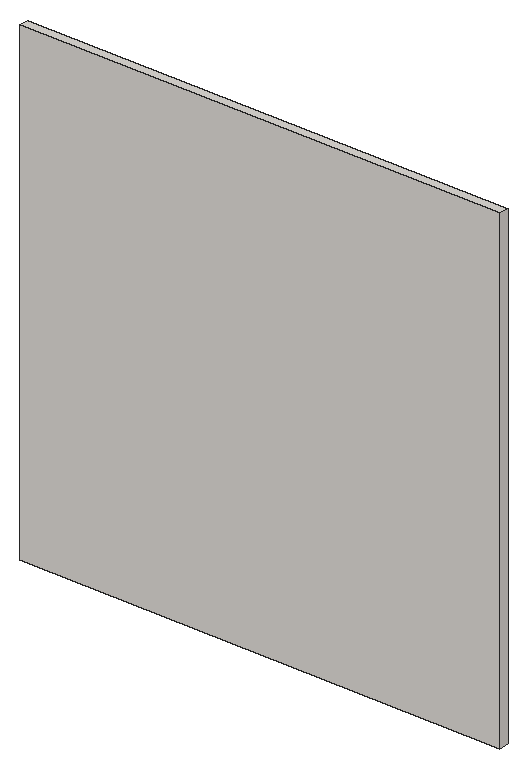
Revit family "BASE DECORADA DINASTIA MULTICOLOR CU_603181791", category Modelos genéricos, Revit 2024
Family settings
  Puede alojar armadura = No
  Cota de conector redondo = Usar diámetro
  Tipo de pieza = Normal
  Se basa en plano de trabajo = No
  Siempre vertical = Sí
  Corte con vacíos al cargar = No
  Mantener orientación de anotación = No
  Compartido = No
  Punto de cálculo de habitación = No
Parameters
  Elevación por defecto = 0 mm
Reference planes
  plane 1 "Center (Front/Back)": y = 0
  plane 2: z = 0
  plane 3 "Center (Left/Right)": x = 0
Forms (mm)
  Extrusion 1, solid, material "Analytical Panels"
    sketch origin (0, 0, 0) x (1, 0, 0) y (0, 1, 0)
      loop
        line (-1366.384, -136.448) -> (-1366.384, -194.576) -> (1633.616, -194.576) -> (1633.616, -136.448) -> (-1366.384, -136.448)
    from 0 to 3000
Dimensions and locks
  Extrusion 1 sketch curve to Extrusion 1 sketch curve = 58.128 mm
  Extrusion 1 to Extrusion 1 = 3000 mm  (x2)
  aligned and locked: level to plane 2
